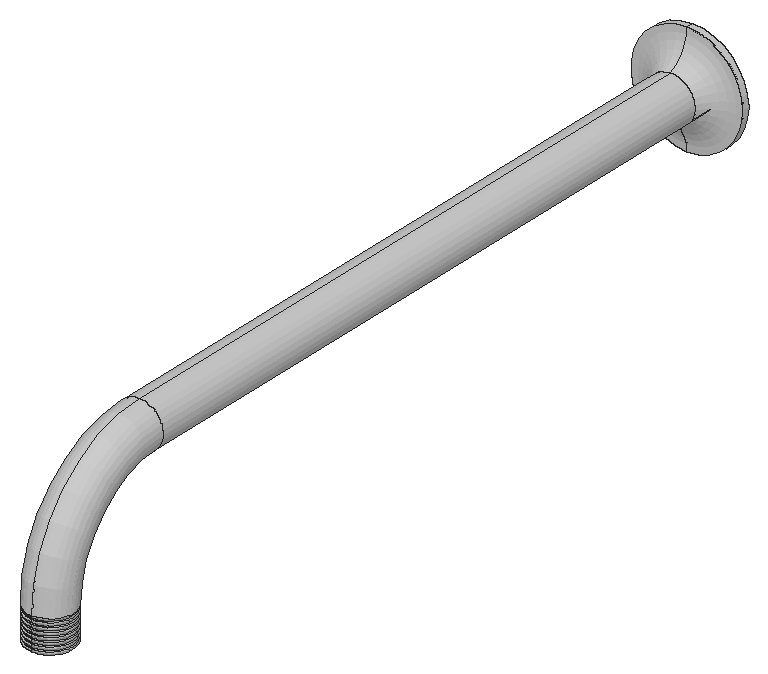
Revit family "SG0086503061CW", category Aparatos sanitarios, Revit 2019
Family settings
  Anfitrión = Muro
  Cota de conector redondo = Diámetro de uso
  Tipo de pieza = Normal
  Número OmniClass = 23.45.55.17
  Título OmniClass = Mixing Faucets
  Siempre vertical = Sí
  Corte con vacíos al cargar = No
  Compartido = No
  Punto de cálculo de habitación = No
Parameters (values of type "BRAZO DE DUCHA REDONDO 38 CM")
  Ø Agua Fría = 1.5 cm
  _EDESA_Revisado = "Calidad.Planos@edesa.com.ec"
  _EDESA_Longitud = 38 cm
  _EDESA_ Ficha técnica = "https://www.briggs.com.ec/productos/fichastecnicaspdf/Briggs/Griferia/Brazo_ducha_redondo_38.pdf"
  _EDESA_Autor BIM = "Ing. Evelyn Gavilanez"
  _EDESA_ Tolerancia dimensional = ""
  _EDESA_ Tipo de instalación = "A la pared"
  _EDESA_ Tipo = "Simple"
  _EDESA_ Sku/código = "SG0086503061CW"
  _EDESA_ Profundidad en cm = 38 cm
  _EDESA_ Productos necesarios para instalación = "Regadera"
  _EDESA_ Productos incluídos = ""
  _EDESA_ Presión del agua recomendada = "20 psi (140 kPa) a 125 psi (860 kPa)"
  _EDESA_ Peso en kg = 0.40 kg
  _EDESA_ Nombre = "BRAZO DE DUCHA REDONDO 38 CM"
  _EDESA_ Nivel mínimo de agua en el tanque en cm = 0 cm
  _EDESA_ Materiales = "Latón"
  _EDESA_ Marca = "BRIGGS"
  _EDESA_ Manual de Instalación = "https://www.briggs.com.ec/productos/instructivos/Briggs/Griferia/Regadera_con_brazo.pdf"
  _EDESA_ Garantía = "De por vida para el cuerpo principal y acabado en cromo (306)"
  _EDESA_ Distancia de instalación en cm (muro terminado) = 0 cm
  _EDESA_ Descripción = "Brazo de ducha"
  _EDESA_ Cumple normativa ADA = ""
  _EDESA_ Contacto comercial = "(02) 395 2900"
  _EDESA_ Consumo/capacidad de agua en L = ""
  _EDESA_ Consumo de agua = ""
  _EDESA_ Conexión hidráulica = "Entrada de agua: tubería ø 1/2"
  _EDESA_ Colores/acabados = "cromo"
  _EDESA_ Certificación = "Cumple con norma NTE - INEN 3123 basada en la norma ASME 112.18.1 - 2012."
  _EDESA_ Categoría = "Productos > Grifería > Ducha"
  _EDESA_ BIM Manager = "http://www1.veraquintana.net/_sitevq/"
  _EDESA_ Ancho en cm = 5 cm
  _EDESA_ Alto en cm = 9 cm
  Uniformat II Description = ""
  Omiclass Code = "23.45.00.00"
  Muro = 30 cm
  L_interna = 36 cm
  Fabricante = "EDESA-PREMIUM Ecuador"
  Cromo = Cromo
Reference planes (cm)
  plane 1: y = 0
  plane 2 "Centro (Izquierda/Derecha)": x = 12.5
  plane 3 "Posterior": y = 7.5
  plane 4: z = 210
  plane 5 "cl": x = 12.5
  plane 6: y = -6.4939
  plane 7 "Cara muro": y = -7.5
  plane 8: y = -43.5
  plane 9: z = 204.99
Forms (cm)
  Sweep 1, solid, material "Cromo" <- "Cromo", detail levels medium+fine
    path origin (12.5, 0, 0) x (0, 1, 0) y (0, 0, 1)
      loop
        line (-7.5, 210) -> (-38.49, 210)
        arc (-38.49, 210) -> (-42.0326, 208.5326) -> (-43.5, 204.99) r 5.01
    profile origin (12.5, -22.995, 210) x (0, 0, -1) y (1, 0, 0)
      loop
        circle (0, 0) r 1.05
  Revolve 2, solid, material "Cromo" <- "Cromo", detail levels medium+fine
    sketch origin (12.5, 0, 0) x (0, 1, 0) y (0, 0, 1)
      loop
        line (-7.5, 210) -> (-7.5, 209.0594)
        arc (-7.5, 209.0594) -> (-7.4368, 208.9962) -> (-7.3736, 209.0594) r 0.0632
        line (-7.3736, 209.0594) -> (-7.2736, 209.0594)
        arc (-7.2736, 209.0594) -> (-7.2103, 208.9962) -> (-7.1471, 209.0594) r 0.0632
        line (-7.1471, 209.0594) -> (-7.0471, 209.0594)
        arc (-7.0471, 209.0594) -> (-6.9839, 208.9962) -> (-6.9207, 209.0594) r 0.0632
        line (-6.9207, 209.0594) -> (-6.8207, 209.0594)
        arc (-6.8207, 209.0594) -> (-6.7575, 208.9962) -> (-6.6942, 209.0594) r 0.0632
        line (-6.6942, 209.0594) -> (-6.5942, 209.0594)
        arc (-6.5942, 209.0594) -> (-6.531, 208.9962) -> (-6.4678, 209.0594) r 0.0632
        line (-6.4678, 209.0594) -> (-6.4678, 210) -> (-7.5, 210)
      axis (-7.5, 210) -> (-6.4678, 210)
    angle from 0 to 360
  Revolve 3, solid, material "Cromo" <- "Cromo", detail levels medium+fine
    sketch origin (12.5, 0.6875, 0) x (0, 1, 0) y (0, 0, 1)
      loop
        line (-8.1777, 211.05) -> (-8.1777, 212.5) -> (-8.4777, 212.5)
        arc (-8.4777, 212.5) -> (-8.721, 211.6467) -> (-9.3777, 211.05) r 1.6181
        line (-9.3777, 211.05) -> (-8.1777, 211.05)
      axis (-8.1777, 210) -> (-9.3777, 210)
    angle from 0 to 360
  Revolve 4, solid, material "Cromo" <- "Cromo", detail levels medium+fine
    sketch origin (12.5, 0, -0.25) x (0, 1, 0) y (0, 0, 1)
      loop
        line (-43.5, 203.7766) -> (-43.5, 205.24) -> (-44.4939, 205.24)
        arc (-44.4939, 205.24) -> (-44.5416, 205.1923) -> (-44.4939, 205.1446) r 0.0477
        line (-44.4939, 205.1446) -> (-44.4939, 205.0446)
        arc (-44.4939, 205.0446) -> (-44.5416, 204.9969) -> (-44.4939, 204.9492) r 0.0477
        line (-44.4939, 204.9492) -> (-44.4939, 204.8492)
        arc (-44.4939, 204.8492) -> (-44.5416, 204.8014) -> (-44.4939, 204.7537) r 0.0477
        line (-44.4939, 204.7537) -> (-44.4939, 204.6537)
        arc (-44.4939, 204.6537) -> (-44.5416, 204.606) -> (-44.4939, 204.5583) r 0.0477
        line (-44.4939, 204.5583) -> (-44.4939, 204.4583)
        arc (-44.4939, 204.4583) -> (-44.5416, 204.4106) -> (-44.4939, 204.3629) r 0.0477
        line (-44.4939, 204.3629) -> (-44.4939, 204.2629)
        arc (-44.4939, 204.2629) -> (-44.5416, 204.2152) -> (-44.4939, 204.1675) r 0.0477
        line (-44.4939, 204.1675) -> (-44.4939, 204.0675)
        arc (-44.4939, 204.0675) -> (-44.5416, 204.0198) -> (-44.4939, 203.972) r 0.0477
        line (-44.4939, 203.972) -> (-44.4939, 203.872)
        arc (-44.4939, 203.872) -> (-44.5416, 203.8243) -> (-44.4939, 203.7766) r 0.0477
        line (-44.4939, 203.7766) -> (-43.5, 203.7766)
      axis (-43.5, 203.7766) -> (-43.5, 205.24)
    angle from 0 to 360
  Extrusion 5, solid, detail levels coarse
    sketch origin (12.5, 0, 0) x (0, 1, 0) y (0, 0, 1)
      loop
        line (-7.4902, 212.5) -> (-44.4939, 212.5) -> (-44.4939, 203.722) -> (-7.4902, 203.722) -> (-7.4902, 212.5)
    from -2.5971 to 2.4491
Text (cm)
  text "Cara de colocación" at (-178.7139, 59.235, 0), in view "Nivel de referencia"
  text "Cara de colocación" at (0, 182.7695, 291.7686), in view "Izquierda"
  text "Cara de colocación" at (0, 56.2268, 385.3606), in view "Derecha"
Dimensions and locks (cm)
  locked: plane 3 "Posterior" to host wall at 0
  level to plane 4 = 210 cm
  host wall to Extrusion 5 = 44.4939 cm
  "L_interna": plane 8 to plane 7 "Cara muro"
  aligned and locked: host wall to plane 1
  aligned and locked: plane 7 "Cara muro" to host wall
Automatic sketch dimensions
  Sweep 1 sketch curve to plane 8 = 0 cm
  Sweep 1 sketch curve to plane 9 = 0 cm
  Sweep 1 sketch curve to plane 4 = 0 cm
  Sweep 1 sketch curve to plane 7 "Cara muro" = 0 cm
  Sweep 1 sketch curve to plane 5 "cl" = 0 cm
  Sweep 1 sketch curve to profile plane = 0 cm
  Revolve 2 sketch curve to host wall = 0 cm  (x2)
  Revolve 2 sketch curve to plane 4 = 0 cm  (x2)
  Revolve 2 sketch curve to Revolve 2 sketch curve = 0.0632 cm  (x5)
  Revolve 2 sketch curve to Revolve 2 sketch curve = 0.1 cm  (x4)
  Revolve 2 sketch curve to plane 4 = 0.9406 cm
  Revolve 2 sketch curve to Revolve 2 sketch curve = 0.1264 cm
  Revolve 3 sketch curve to plane 4 = 0 cm
  host wall to Revolve 3 sketch curve = 1.9083 cm
  host wall to Revolve 3 sketch curve = 1.1902 cm
  host wall to Revolve 3 sketch curve = 0.2902 cm
  Revolve 3 sketch curve to host wall = 0.0098 cm
  plane 4 to Revolve 3 sketch curve = 1.05 cm
  Revolve 3 sketch curve to Revolve 3 sketch curve = 0.8 cm
  Revolve 3 sketch curve to host wall = 0.6875 cm
  Revolve 4 sketch curve to plane 9 = 0 cm
  Revolve 4 sketch curve to plane 8 = 0 cm  (x2)
  Revolve 4 sketch curve to Revolve 4 sketch curve = 0.9939 cm
  Revolve 4 sketch curve to plane 9 = 0.0477 cm
  Revolve 4 sketch curve to Revolve 4 sketch curve = 0.1 cm  (x7)
  Revolve 4 sketch curve to Revolve 4 sketch curve = 0.0477 cm  (x7)
  Revolve 4 sketch curve to level = 106.3459 cm
  plane 4 to Revolve 4 sketch curve = 171.9742 cm
  Extrusion 5 sketch curve to plane 8 = 0.9939 cm
  Extrusion 5 sketch curve to host wall = 0.0098 cm
  Extrusion 5 sketch curve to plane 9 = 1.268 cm
  plane 4 to Extrusion 5 sketch curve = 2.5 cm
  radius of Sweep 1 sketch curve = 1.05 cm
Connectors (cm)
  piping at (12.5, -7.5, 210), diameter 1.5, driven by "Ø Agua Fría"
    settings: on Sweep 1, index 1, connector inside diameter 609.6 mm, connector length 0 cm, flow factor 0, pipe flow 4.0 L/s, pressure drop 0.0 Pa, fitting loss kfactor 0, connector angle 0.00°, fixture units 0, engagement length 0 cm, angle of deflection 0.00°, flow configuration 0, flow direction 1, fitting loss method 2, system type 20, joint type 0, gender type 0, connector reference index -1, connector utility 0, adjustable connector no, is connector primary yes, connector description ""
